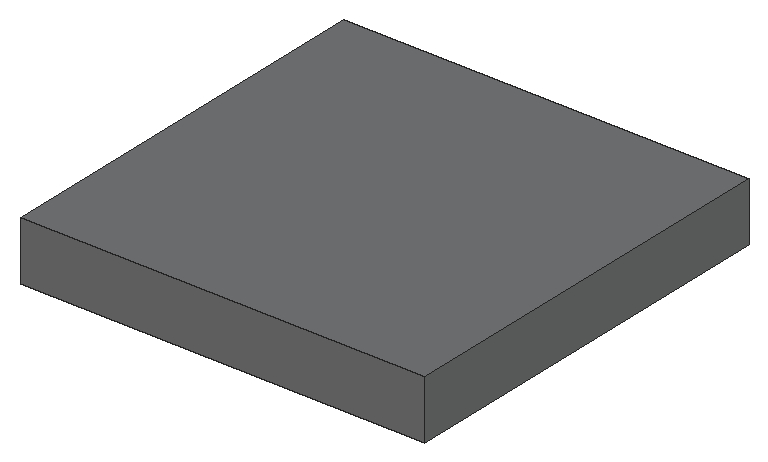
Revit family "Gira_027228", category Electrical Fixtures, host Face, Revit 2017
Family settings
  Host = Face
  Maintain Annotation Orientation = No
  Round Connector Dimension = Use Diameter
  Part Type = Normal
  Cut with Voids When Loaded = No
  Shared = No
  Room Calculation Point = No
Parameters (values of type "Abd. Tragring Geräte Ø 22,5 mm System 55 Anthrazit")
  Zusammenstellung = "Zentralplatte"
  Werkstoffgüte = "sonstige"
  Werkstoff = "sonstige"
  Verwendung = "sonstige"
  URL = "http://katalog.gira.de/de_DE/datenblatt.html?artikelnr=027228"
  Transparent = "No"
  Tragring = "Yes"
  Region = "DE"
  Oberfläche = "sonstige"
  Name = "Abd. Tragring Geräte Ø 22,5 mm System 55 Anthrazit"
  Montageart = "unter Putz"
  Mit Zugentlastung = "No"
  Mit Staubschutz = "No"
  Mit Klappdeckel = "No"
  Mit Aufdruck = "No"
  Manufacturer URL = "https://www.gira.de/"
  Lüsterklemme = "No"
  Keynote = "Sys55_Abdeckung_Schalten und Tasten"
  HeinzeBIM = "https://bimportal.heinze.de/bim/abd-tragring-geraete-22-5-mm-system-55-anthrazit/c7582665961822d14533a5c770f724fd4d2bfc1b"
  Halogenfrei = "No"
  HAN = "027228"
  Geeignet für Schutzart (IP) = "IP20"
  GTIN = "4010337272281"
  Farbe = "anthrazit"
  Default Elevation = 1219.2 mm
  Data sheet (1) = "https://katalog.gira.de/de_DE/download.html?artikelnr=027228"
  Category = "Einsatz/Abdeckung für Kommunikationstechnik"
  Beschriftungsfeld = "ohne Beschriftungsfeld"
  Befestigungsart = "Befestigung mit Schraube"
  Available = "Yes"
  Ausführung der Oberfläche = "nicht zutreffend"
  Anthrazit [instance] = Anthrazit
Reference planes
  plane 1 "Center (Front/Back)": y = 0
  plane 2: z = 0
  plane 3 "Center (Left/Right)": x = 0
Forms (mm)
  Extrusion 1, solid, material "Anthrazit" <- "Anthrazit", detail levels fine
    sketch origin (0, 0, 0) x (1, 0, 0) y (0, 1, 0)
      loop
        line (-27.5, 27.5) -> (-27.5, -27.5) -> (27.5, -27.5) -> (27.5, 27.5) -> (-27.5, 27.5)
    from 0 to 8
  Extrusion 2, void
    sketch origin (0, 0, 0) x (1, 0, 0) y (0, 1, 0)
      loop
        line (26, 26) -> (-26, 26) -> (-26, -26) -> (26, -26) -> (26, 26)
    from 0 to 6
  Extrusion 3, solid, material "Anthrazit" <- "Anthrazit", detail levels medium
    sketch origin (0, 0, 0) x (1, 0, 0) y (0, 1, 0)
      loop
        line (-27.5, 27.5) -> (-27.5, -27.5) -> (27.5, -27.5) -> (27.5, 27.5) -> (-27.5, 27.5)
    from 0 to 8
  Extrusion 4, solid, material "Anthrazit" <- "Anthrazit", detail levels medium
    sketch origin (0, 0, 0) x (1, 0, 0) y (0, 1, 0)
      loop
        line (11, -17.5) -> (11, 17.5) -> (-11, 17.5) -> (-11, -17.5) -> (11, -17.5)
    from -6 to 6
  Extrusion 5, solid, material "Anthrazit" <- "Anthrazit", detail levels fine
    sketch origin (0, 0, 0) x (1, 0, 0) y (0, 1, 0)
      loop
        line (11, 17.5) -> (-11, 17.5) -> (-11, 16.5) -> (11, 16.5) -> (11, 17.5)
      loop
        line (-11, -16.5) -> (-11, -17.5) -> (11, -17.5) -> (11, -16.5) -> (-11, -16.5)
    from -4 to 6
  Extrusion 6, solid, material "Anthrazit" <- "Anthrazit", detail levels fine
    sketch origin (0, 0, 0) x (1, 0, 0) y (0, 1, 0)
      loop
        arc (5, 9.347) -> (0, 10.6) -> (-5, 9.347) r 10.6
        line (-5, 9.347) -> (-5, -9.347)
        arc (-5, -9.347) -> (0, -10.6) -> (5, -9.347) r 10.6
        line (5, -9.347) -> (5, 9.347)
    from -6 to 6
  Extrusion 7, solid, material "Anthrazit" <- "Anthrazit", detail levels coarse
    sketch origin (0, 0, 0) x (1, 0, 0) y (0, 1, 0)
      loop
        line (-27.5, 27.5) -> (-27.5, -27.5) -> (27.5, -27.5) -> (27.5, 27.5) -> (-27.5, 27.5)
    from -6 to 8
Cuts and joins
  Extrusion 2 cuts Extrusion 1
Dimensions and locks
  aligned and locked: plane 2 to host face
  aligned and locked: level to host face
